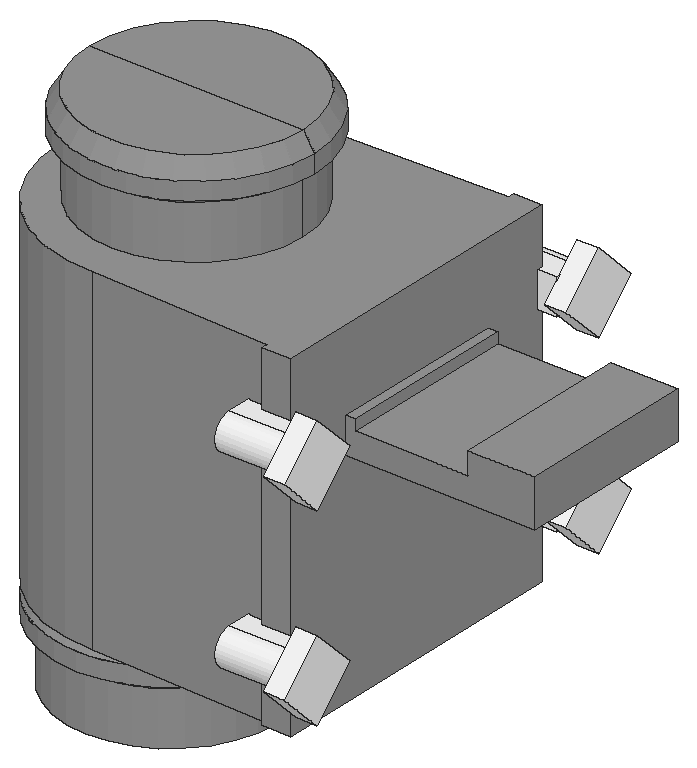
Revit family "HL_Канализационный затвор_HL710.1V", category Příslušenství trubek, Revit 2016
Family settings
  Typ součásti = Normální
  Kóta kulaté spojky = Použít průměr
  Číslo OmniClass = 23.65.55.14.21
  Nadpis OmniClass = Non-Return Valves for Liquid Services
  Založené na pracovní rovině = Ne
  Vždy vertikální = Ano
  Ořezat dutým tvarem při načtení = Ne
  Sdílené = Ne
Parameters
  РАЗМЕР = "DN110"
  ПРОПУСКНАЯ СПОСОБНОСТЬ [instance] = 0.0 m³/h
  ПРАВОВАЯ ИНФОРМАЦИЯ = "\"Copyright (©), design rights or any other intellectual property rights, shall be the exclusive property of HL Hutterer & Lechner GmbH. Modification is not allowed. Family has been watermarked.\""
  ПАДЕНИЕ ДАВЛЕНИЯ [instance] = 0.0 Pa
  НОМИНАЛЬНЫЙ ДИАМЕТР 2 = 110 mm
  НОМИНАЛЬНЫЙ ДИАМЕТР = 110 mm
  МАТЕРИАЛ = "ABS"
  ВЫСОТА МОНТАЖА = "320 mm"
  ВЕС = "1,747 kg"
  Výrobce = "HL Hutterer & Lechner GmbH"
  URL = "http://www.hutterer-lechner.com/en/products/catalog/roof-drains/HL710.1V.aspx"
  Description = "Anti flood valves"
  Model = "HL710.1V"
  Type Comments = "Antiflooding valve DN110 vertical, stainless steel valve with floting body and manual closure."
  Keynote = "HL710.1V"
  EAN = "9003076032907"
  Cena = 0
Types (2, lengths in mm): name | ПРАВОВАЯ ИНФОРМАЦИЯ | URL | Description | Type Comments
  (no name) | "\"Copyright (©), design rights or any other intellectual property rights, shall be the exclusive property of HL Hutterer & Lechner GmbH. Modification is not allowed. Family has been watermarked.\"" | "http://www.hutterer-lechner.com/en/products/catalog/roof-drains/HL710.1V.aspx" | "Anti flood valves" | "Antiflooding valve DN110 vertical, stainless steel valve with floting body and manual closure."
  HL_Канализационный затвор_HL710.1V | "\"Авторские права(©), права на дизайн или какие либо другие права интелектуальной собственности являются исключительной собственностью компании HL Hutterer & Lechner. Изменению не подлежит. Файл семейства с данными о прозводителе изделия защищен паролем с водяным знаком.\"" | "http://www.hutterer-lechner.com/ru/products/catalog/roof-drains/HL710.1V.aspx" | "Механический канализационный затвор" | "Канализационный затвор DN110 вертикальный с заслонкой из нержавеющей стали с поплавком и ручным затвором."
Reference planes
  plane 1 "Střed (vpředu/vzadu)": y = 0
  plane 2: z = 0
  plane 3 "Střed (vlevo/vpravo)": x = 0
Forms (mm)
  Sweep 1, solid, material "Plastic - Orange", detail levels fine
    path origin (123.14, 0, -99.781) x (0, 0, -1) y (0, 1, 0)
      loop
        line (94.75, 0) -> (-94.75, 0)
    profile origin (123.14, 0, -99.781) x (0, -1, 0) y (1, 0, 0)
      loop
        line (0, 0) -> (-88.191, 0) -> (-88.191, -16) -> (-85.007, -16) -> (-81.517, -115.939)
        arc (-81.517, -115.939) -> (-58.546, -174.931) -> (0, -199.017) r 80.412
        arc (0, -199.017) -> (58.546, -174.931) -> (81.517, -115.939) r 80.412
        line (81.517, -115.939) -> (85.007, -16) -> (88.191, -16) -> (88.191, 0) -> (0, 0)
  Extrusion 2, solid, material "Plactic - White", detail levels fine
    sketch origin (123.14, 0, -99.781) x (0, 0, -1) y (0, 1, 0)
      loop
        line (54, -121.127) -> (76.627, -98.5) -> (54, -75.873) -> (31.373, -98.5) -> (54, -121.127)
    from 11.235 to 23.235
  Extrusion 3, solid, material "Plactic - White", detail levels fine
    sketch origin (134.375, 0, -99.781) x (0, 0, 1) y (0, 1, 0)
      loop
        arc (-64, -98.5) -> (-54, -108.5) -> (-44, -98.5) r 10
        line (-44, -98.5) -> (-44, -84.694) -> (-64, -84.694) -> (-64, -98.5)
    from 0 to 37.235
  Extrusion 4, solid, material "Plactic - White", detail levels fine
    sketch origin (123.14, 0, 8.219) x (0, 0, -1) y (0, 1, 0)
      loop
        line (54, -121.127) -> (76.627, -98.5) -> (54, -75.873) -> (31.373, -98.5) -> (54, -121.127)
    from 11.235 to 23.235
  Extrusion 5, solid, material "Plactic - White", detail levels fine
    sketch origin (134.375, 0, 8.219) x (0, 0, 1) y (0, 1, 0)
      loop
        arc (-64, -98.5) -> (-54, -108.5) -> (-44, -98.5) r 10
        line (-44, -98.5) -> (-44, -84.694) -> (-64, -84.694) -> (-64, -98.5)
    from 0 to 37.235
  Extrusion 6, solid, material "Plactic - White", detail levels fine
    sketch origin (123.14, 0, -99.781) x (0, 0, -1) y (0, 1, 0)
      loop
        line (54, 121.127) -> (31.373, 98.5) -> (54, 75.873) -> (76.627, 98.5) -> (54, 121.127)
    from 11.235 to 23.235
  Extrusion 7, solid, material "Plactic - White", detail levels fine
    sketch origin (134.375, 0, -99.781) x (0, 0, 1) y (0, 1, 0)
      loop
        line (-64, 98.5) -> (-64, 84.694) -> (-44, 84.694) -> (-44, 98.5)
        arc (-44, 98.5) -> (-54, 108.5) -> (-64, 98.5) r 10
    from 0 to 37.235
  Extrusion 8, solid, material "Plactic - White", detail levels fine
    sketch origin (123.14, 0, 8.219) x (0, 0, -1) y (0, 1, 0)
      loop
        line (54, 121.127) -> (31.373, 98.5) -> (54, 75.873) -> (76.627, 98.5) -> (54, 121.127)
    from 11.235 to 23.235
  Extrusion 9, solid, material "Plactic - White", detail levels fine
    sketch origin (134.375, 0, 8.219) x (0, 0, 1) y (0, 1, 0)
      loop
        line (-64, 98.5) -> (-64, 84.694) -> (-44, 84.694) -> (-44, 98.5)
        arc (-44, 98.5) -> (-54, 108.5) -> (-64, 98.5) r 10
    from 0 to 37.235
  Sweep 10, solid, material "Plastic - Orange", not visible, detail levels fine
    path origin (123.14, 0, -99.781) x (0, 0, -1) y (1, 0, 0)
      loop
        line (154.383, -137.5) -> (94.75, -137.5)
    profile origin (-14.36, 0, -224.347) x (-1, 0, 0) y (0, -1, 0)
      loop
        circle (0, 0) r 55
  Revolve 11, solid, material "Plastic - Orange", detail levels fine
    sketch origin (123.14, 0, -99.781) x (0, 0, -1) y (1, 0, 0)
      loop
        line (-149.117, -123.14) -> (-94.75, -123.14) -> (-94.75, -63.685) -> (-124.977, -63.685) -> (-129.134, -56.965) -> (-139.134, -56.965) -> (-149.117, -63.14) -> (-149.117, -123.14)
      axis (-94.75, -123.14) -> (-149.117, -123.14)
    angle from 0 to 360
  Extrusion 12, solid, material "Plastic - Red", detail levels fine
    sketch origin (123.14, 0.031, -102.383) x (0, 0, -1) y (1, 0, 0)
      loop
        line (-32.383, 106.5) -> (-58.883, 106.5) -> (-58.883, 69) -> (-46.383, 69) -> (-46.383, 5.902) -> (-52.472, 5.902) -> (-52.472, 0) -> (-32.383, 0) -> (-32.383, 106.5)
    from -50 to 50
  Revolve 13, solid, material "Plastic - Orange", detail levels fine
    sketch origin (108.78, 0, -348.914) x (0, 0, -1) y (1, 0, 0)
      loop
        line (-154.383, -123.14) -> (-94.75, -123.14) -> (-94.75, -63.685) -> (-124.977, -63.685) -> (-129.134, -56.965) -> (-139.134, -56.965) -> (-149.117, -63.14) -> (-149.117, -68.14) -> (-154.383, -68.14) -> (-154.383, -123.14)
      axis (-94.75, -123.14) -> (-154.383, -123.14)
    angle from 0 to 360
Lines and regions (mm)
  model lines, style "Symbol", detail levels coarse+medium
    curve 1: line (0, 0, 0) -> (-13.319, 0, -254.133)
    curve 2: line (-66.659, 0, -252.066) -> (53.341, 0, -252.066)
    curve 3: line (-66.659, 0, -252.066) -> (-66.659, 0, -2.066)
    curve 4: line (-66.659, 0, -2.066) -> (53.341, 0, -2.066)
    curve 23: line (53.341, 0, -252.066) -> (53.341, 0, -2.066)
  symbolic lines
    curve 5: line (0, 0, -254.164) -> (0, 0, 0)
  symbolic lines, detail levels coarse+medium
    curve 6: line (0, 60, -252.082) -> (0, 60, -2.082)
    curve 7: line (0, 60, -252.082) -> (0, -60, -252.082)
    curve 8: line (0, 60, -2.082) -> (0, -60, -2.082)
    curve 9: line (0, -60, -252.082) -> (0, -60, -2.082)
    curve 10: line (300, 155, 0) -> (300, -155, 0)
    curve 11: line (300, -125, 0) -> (240, -125, 0)
    curve 12: line (300, -125, 0) -> (360, -125, 0)
    curve 13: line (240, -125, 0) -> (240, 125, 0)
    curve 14: line (300, 125, 0) -> (240, 125, 0)
    curve 15: line (300, 125, 0) -> (360, 125, 0)
    curve 16: line (360, 125, 0) -> (360, -125, 0)
    curve 17: line (186.933, 0, 0) -> (0, 0, 0)
    curve 18: line (300, 0, 0) -> (405, 0, 0)
    curve 19: line (300, 0, 0) -> (186.933, 0, 0)
    curve 20: line (0, 105, -127.082) -> (0, -105, -127.082)
  model lines, detail levels coarse+medium
    curve 21: line (-6.659, 0, -127.066) -> (98.341, 0, -127.066)
    curve 22: line (-111.659, 0, -127.066) -> (-6.659, 0, -127.066)
Dimensions and locks
  aligned and locked: level to plane 2
Connectors
  piping at (0, 0, 0), diameter 110, driven by "ПАДЕНИЕ ДАВЛЕНИЯ", driven by "НОМИНАЛЬНЫЙ ДИАМЕТР", driven by "ПРОПУСКНАЯ СПОСОБНОСТЬ"
    settings: on plane 2, index 1, connector inside diameter 609.6 mm, connector length 0 mm, flow factor 0, pipe flow 0.0 m³/h, pressure drop 0.0 Pa, fitting loss kfactor 0, connector angle 0.00°, fixture units 0, engagement length 0 mm, angle of deflection 0.00°, flow configuration 0, flow direction 0, fitting loss method 4, system type 16, joint type 0, gender type 0, connector reference index -1, connector utility 0, adjustable connector no, is connector primary yes, connector description ""
  piping at (-14.36, 0, -254.164), diameter 110, driven by "НОМИНАЛЬНЫЙ ДИАМЕТР 2", driven by "ПРОПУСКНАЯ СПОСОБНОСТЬ"
    settings: on Sweep 10, index 2, connector inside diameter 609.6 mm, connector length 0 mm, flow factor 0, pipe flow 0.0 m³/h, pressure drop 0.0 Pa, fitting loss kfactor 0, connector angle 0.00°, fixture units 0, engagement length 0 mm, angle of deflection 0.00°, flow configuration 1, flow direction 2, fitting loss method 4, system type 16, joint type 0, gender type 0, connector reference index -1, connector utility 0, adjustable connector no, is connector primary no, connector description ""
